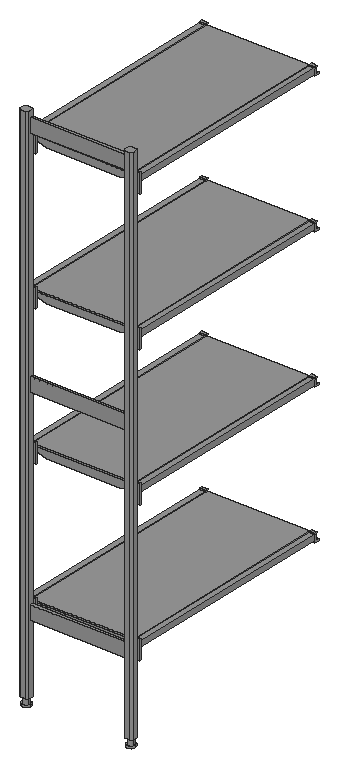
Revit family "QF_ZANUSSI_137050_ACS740", category Attrezzature speciali, Revit 2020
Family settings
  Quota connettore circolare = Usa diametro
  Tipo di parte = Normale
  Basato su piano di lavoro = No
  Sempre verticale = Sì
  Taglio con vuoti quando caricato = No
  Condiviso = No
  Punto di calcolo locali = No
Parameters (values of type "Standard")
  Weight = 13.00 kg
  Watts = 0 W
  Volts = 0 V
  URL Manufacturer = "http://www.zanussiprofessional.com"
  URL = "http://www.zanussiprofessional.com"
  Steam Supply Size = 0 mm
  Steam Supply Minimum Pressure = 0.0 Pa
  Steam Supply Maximum Pressure = 0.0 Pa
  Steam Consumption per Hour = 0
  Refrigeration Suction Line Size = 0.0 mm
  Refrigeration Liquid Line Size = 0.0 mm
  Refrigerant Compressor Remote = yes
  Prospetto di default = 0.0 mm
  Phase = 0
  Modello = "ACS740"
  Produttore = "Zanussi"
  Length Actual = 744.0 mm  # constant formula
  Item Number = "137050"
  Hot Water Size = 0 mm
  Height Actual = 1700.0 mm  # constant formula
  HP = "0 HP"
  Gas Size = 0 mm
  Gas KW = 0
  Gas Input Pressure = 0 W
  Direct Waste Size = 0 mm
  Descrizione = "ALUM.CORNER SHELV.-POLY.TIERS-373X744MM"
  Depth Actual = 373.0 mm  # constant formula
  Cycle = 0 Hz
  Condensate Return Size = 0 mm
  Compressed Air Volume = 0.0 L/s
  Compressed Air Size = 0 mm
  Compressed Air Pressure = 0.0 Pa
  Cold Water Size = 0 mm
  Accessory = yes
Reference planes
  plane 1: z = 0
  plane 2 "Center (F/B)": y = -163.5
  plane 3 "Front": y = -549.5
  plane 4 "Left": x = -217.5
  plane 5 "Right": x = 155.5
  plane 6 "TOP": z = 1700
  plane 7: y = -517.5
  plane 8: y = 190.5
  plane 9 "Center (Left/Right)": x = -31
  plane 10: y = 185.5
  plane 11: x = -186
  plane 12: x = 124
  plane 13 "FEET": z = 25
  plane 14: z = 275
  plane 15: z = 725
  plane 16: z = 1175
  plane 17: z = 1625
  plane 18 "CXLeft": y = -535.5
  plane 19: x = -200
  plane 20 "CYBack": x = -200
  plane 21 "CYFront": x = 138
  plane 22 "Back": y = 194.5
  plane 23 "LEFT_ORIGIN": x = -251.5
  plane 24 "BACK_Origin": y = 567.5
Forms (mm)
  Extrusion 1, solid, material "QF_Aluminum"
    sketch origin (0, -549.5, 0) x (-1, 0, 0) y (0, 0, 1)
      loop
        line (198.5, 1650.994) -> (198.5, 1632.998) -> (217.5, 1632.998) -> (217.5, 1650.994) -> (198.5, 1650.994)
      loop
        line (-136.5, 1650.994) -> (-155.5, 1650.994) -> (-155.5, 1632.998) -> (-136.5, 1632.998) -> (-136.5, 1650.994)
      loop
        line (198.5, 1200.994) -> (198.5, 1182.998) -> (217.5, 1182.998) -> (217.5, 1200.994) -> (198.5, 1200.994)
      loop
        line (-136.5, 1200.994) -> (-155.5, 1200.994) -> (-155.5, 1182.998) -> (-136.5, 1182.998) -> (-136.5, 1200.994)
      loop
        line (198.5, 750.994) -> (198.5, 732.998) -> (217.5, 732.998) -> (217.5, 750.994) -> (198.5, 750.994)
      loop
        line (-136.5, 750.994) -> (-155.5, 750.994) -> (-155.5, 732.998) -> (-136.5, 732.998) -> (-136.5, 750.994)
      loop
        line (198.5, 300.994) -> (198.5, 282.998) -> (217.5, 282.998) -> (217.5, 300.994) -> (198.5, 300.994)
      loop
        line (-136.5, 300.994) -> (-155.5, 300.994) -> (-155.5, 282.998) -> (-136.5, 282.998) -> (-136.5, 300.994)
    from 32 to 740
  Extrusion 2, solid, material "QF_Polyethylene"
    sketch origin (0, -549.5, 0) x (-1, 0, 0) y (0, 0, 1)
      loop
        line (196.507, 1650.994) -> (-134.5, 1650.994) -> (-134.5, 1644.496) -> (196.507, 1644.496) -> (196.507, 1650.994)
      loop
        line (196.507, 1200.994) -> (-134.5, 1200.994) -> (-134.5, 1194.496) -> (196.507, 1194.496) -> (196.507, 1200.994)
      loop
        line (196.507, 750.994) -> (-134.5, 750.994) -> (-134.5, 744.496) -> (196.507, 744.496) -> (196.507, 750.994)
      loop
        line (196.507, 300.994) -> (-134.5, 300.994) -> (-134.5, 294.496) -> (196.507, 294.496) -> (196.507, 300.994)
    from 32 to 740
Lines and regions (mm)
  symbolic lines
    curve 1: line (-198.5, 190.5, 1700) -> (-198.5, -517.5, 1700)
    curve 2: line (-217.5, -521.5, 1700) -> (-217.5, 190.5, 1700)
    curve 3: line (155.5, -521.5, 1700) -> (155.5, 190.5, 1700)
    curve 4: line (-181.507, -517.5, 1700) -> (119.507, -517.5, 1700)
    curve 5: line (136.5, -517.5, 1700) -> (136.5, 190.5, 1700)
    curve 6: line (-198.5, 190.5, 1700) -> (136.5, 190.5, 1700)
Dimensions and locks
  plane 3 "Front" to plane 2 "Center (F/B)" = 386.0 mm
  locked: plane 6 "TOP" to level at 1700
  locked: plane 4 "Left" to plane 5 "Right" at 373
  locked: plane 7 to plane 8 at 708
  locked: plane 3 "Front" to plane 7 at 32
  plane 10 to plane 8 = 5.0 mm
  locked: plane 11 to plane 12 at 310
  equal spacing: plane 11, plane 9 "Center (Left/Right)", plane 12
  equal spacing: plane 4 "Left", plane 9 "Center (Left/Right)", plane 5 "Right"
  plane 13 "FEET" to level = 25.0 mm
  plane 6 "TOP" to plane 13 "FEET" = 1675.0 mm
  plane 14 to plane 13 "FEET" = 250.0 mm
  plane 15 to plane 14 = 450.0 mm
  plane 16 to plane 15 = 450.0 mm
  plane 17 to plane 16 = 450.0 mm
  locked: plane 3 "Front" to plane 18 "CXLeft" at 14
  locked: plane 3 "Front" to plane 22 "Back" at 744
  plane 23 "LEFT_ORIGIN" to plane 5 "Right" = 407.0 mm
  locked: plane 22 "Back" to plane 24 "BACK_Origin" at 373
  aligned and locked: level to plane 1
  aligned and locked: Extrusion 2 to plane 7
  aligned and locked: plane 8 to Extrusion 2
  aligned and locked: Extrusion 1 to plane 7
  aligned and locked: plane 8 to Extrusion 1
  aligned and locked: Extrusion 1 sketch curve to Extrusion 1 sketch curve  (x2)
  aligned and locked: nested 1 to plane 18 "CXLeft"
  aligned and locked: nested 2 to plane 10
Automatic sketch dimensions
  curve 2 to plane 4 "Left" = 0.0 mm
  curve 3 to plane 5 "Right" = 0.0 mm
  plane 7 to curve 1 = 0.0 mm
  plane 7 to curve 4 = 0.0 mm
  plane 7 to curve 5 = 0.0 mm
  plane 8 to curve 2 = 0.0 mm
  plane 8 to curve 1 = 0.0 mm
  plane 8 to curve 3 = 0.0 mm
  plane 21 "CYFront" to curve 5 = 1.5 mm
  plane 19 to curve 6 = 1.5 mm
  plane 7 to curve 3 = 4.0 mm
  plane 7 to curve 2 = 4.0 mm
  plane 12 to curve 4 = 4.493 mm
  curve 4 to plane 11 = 4.493 mm
  plane 5 "Right" to Extrusion 1 sketch curve = 0.0 mm  (x4)
  plane 4 "Left" to Extrusion 1 sketch curve = 0.0 mm  (x4)
  plane 21 "CYFront" to Extrusion 1 sketch curve = 1.5 mm  (x2)
  plane 19 to Extrusion 1 sketch curve = 1.5 mm  (x4)
  plane 14 to Extrusion 1 sketch curve = 7.998 mm  (x2)
  Extrusion 1 sketch curve to Extrusion 1 sketch curve = 17.997 mm  (x8)
  plane 15 to Extrusion 1 sketch curve = 7.998 mm  (x2)
  plane 16 to Extrusion 1 sketch curve = 7.998 mm  (x2)
  plane 17 to Extrusion 1 sketch curve = 7.998 mm  (x2)
  plane 21 "CYFront" to Extrusion 2 sketch curve = 3.5 mm  (x4)
  plane 19 to Extrusion 2 sketch curve = 3.493 mm  (x4)
  plane 14 to Extrusion 2 sketch curve = 19.496 mm
  Extrusion 2 sketch curve to Extrusion 2 sketch curve = 6.499 mm  (x4)
  plane 15 to Extrusion 2 sketch curve = 19.496 mm
  plane 16 to Extrusion 2 sketch curve = 19.496 mm
  plane 17 to Extrusion 2 sketch curve = 19.496 mm
Nested families
  nested 1: "WT_Anta373" at (-194.5, -132.5, 0) x (0, 1, 0) z (0, 0, 1), type "WT_Anta373"
  nested 2: "WT_Aggancio373" at (-194.5, 602.5, 0) x (0, 1, 0) z (0, 0, 1), type "WT_Aggancio373"
Definition of nested family "WT_Anta373"
  Parameters
    WidthLeft = A + 64.0 mm  # 772.0 mm
    Width = 1606.0 mm
    Right = WidthLeft / 2  # 386.0 mm
    Default Elevation = 0.0 mm
    Left = -WidthLeft / 2  # -386.0 mm
    Height = 1725.0 mm
    FEET = 25.0 mm
    E = 0.0 mm
    Dint = Depth - 63.0 mm  # 310.0 mm
    Dext = Depth - 8.0 mm  # 365.0 mm
    Depth = 373.0 mm
    DX = (WidthLeft - A) / 2  # 32.0 mm
    B = 798.0 mm
    A = 708.0 mm
  Reference planes
    plane 1: z = 0
    plane 2 "LEFT": x = -417
    plane 3 "BACK": y = 23
    plane 4 "FRONT": y = -350
    plane 5 "TOP": z = 1725
    plane 6 "Center (Front/Back)": y = -163.5
    plane 7: y = -8.5
    plane 8: y = -318.5
    plane 9 "FEET": z = 25
    plane 10: z = 275
    plane 11: z = 725
    plane 12: z = 1175
    plane 13: z = 1625
    plane 14 "CXLeft": x = -403
    plane 15: y = 5.5
    plane 16 "CYBack": y = 5.5
    plane 17 "CYFront": y = -332.5
    plane 18: x = -385.031
    plane 19: x = -380.031
  Forms (mm)
    Extrusion 1, solid
      sketch origin (0, 0, 0) x (1, 0, 0) y (0, 1, 0)
        loop
          line (-417, 13.246) -> (-417, -2.246) -> (-410.746, -8.5) -> (-395.254, -8.5) -> (-389, -2.246) -> (-389, 13.246) -> (-395.254, 19.5) -> (-410.746, 19.5) -> (-417, 13.246)
      from 1725 to 25
    Extrusion 2, solid
      sketch origin (-417, 0, 0) x (0, 1, 0) y (0, 0, 1)
        loop
          line (23, 246.005) -> (23, 307.993) -> (-12.993, 307.993) -> (-12.993, 246.005) -> (23, 246.005)
        loop
          line (-350, 246.005) -> (-314.007, 246.005) -> (-314.007, 307.993) -> (-350, 307.993) -> (-350, 246.005)
        loop
          line (23, 696.005) -> (23, 757.993) -> (-12.993, 757.993) -> (-12.993, 696.005) -> (23, 696.005)
        loop
          line (-350, 696.005) -> (-314.007, 696.005) -> (-314.007, 757.993) -> (-350, 757.993) -> (-350, 696.005)
        loop
          line (23, 1146.005) -> (23, 1207.993) -> (-12.993, 1207.993) -> (-12.993, 1146.005) -> (23, 1146.005)
        loop
          line (-350, 1146.005) -> (-314.007, 1146.005) -> (-314.007, 1207.993) -> (-350, 1207.993) -> (-350, 1146.005)
        loop
          line (23, 1596.005) -> (23, 1657.993) -> (-12.993, 1657.993) -> (-12.993, 1596.005) -> (23, 1596.005)
        loop
          line (-350, 1596.005) -> (-314.007, 1596.005) -> (-314.007, 1657.993) -> (-350, 1657.993) -> (-350, 1596.005)
      from 28 to 32
    Revolve 3, solid
      sketch origin (-403, 0, 0) x (0, 1, 0) y (0, 0, 1)
        loop
          line (5.5, 25) -> (5.5, 0) -> (19, 0) -> (19, 5) -> (14, 5) -> (14, 25) -> (5.5, 25)
        axis (5.5, 25) -> (5.5, 0)
      angle from 0 to 360
    Extrusion 4, solid
      sketch origin (-403, 0, 0) x (0, 1, 0) y (0, 0, 1)
        loop
          line (-8.5, 912.382) -> (-8.5, 957.374) -> (-318.5, 957.374) -> (-318.5, 912.382) -> (-8.5, 912.382)
        loop
          line (-8.5, 1662.244) -> (-8.5, 1707.236) -> (-318.5, 1707.236) -> (-318.5, 1662.244) -> (-8.5, 1662.244)
      from -5 to 5
    Revolve 5, solid
      sketch origin (-403, -627, 0) x (0, -1, 0) y (0, 0, 1)
        loop
          line (-294.5, 25) -> (-294.5, 0) -> (-281, 0) -> (-281, 5) -> (-286, 5) -> (-286, 25) -> (-294.5, 25)
        axis (-294.5, 25) -> (-294.5, 0)
      angle from 0 to 360
    Extrusion 6, solid
      sketch origin (0, -627, 0) x (1, 0, 0) y (0, 1, 0)
        loop
          line (-417, 286.754) -> (-410.746, 280.5) -> (-395.254, 280.5) -> (-389, 286.754) -> (-389, 302.246) -> (-395.254, 308.5) -> (-410.746, 308.5) -> (-417, 302.246) -> (-417, 286.754)
      from 1725 to 25
    Extrusion 7, solid
      sketch origin (-417.031, -0.022, 0) x (0, 1, 0) y (0, 0, -1)
        loop
          line (-12, -1632.998) -> (-46, -1620.994) -> (-281, -1620.994) -> (-315, -1632.998) -> (-331, -1632.998) -> (-331, -1650.994) -> (-329, -1650.994) -> (-329, -1644.496) -> (2.007, -1644.496) -> (2.007, -1650.994) -> (4, -1650.994) -> (4, -1632.998) -> (-12, -1632.998)
        loop
          line (-12, -1182.998) -> (-46, -1170.994) -> (-281, -1170.994) -> (-315, -1182.998) -> (-331, -1182.998) -> (-331, -1200.994) -> (-329, -1200.994) -> (-329, -1194.496) -> (2.007, -1194.496) -> (2.007, -1200.994) -> (4, -1200.994) -> (4, -1182.998) -> (-12, -1182.998)
        loop
          line (-12, -732.998) -> (-46, -720.994) -> (-281, -720.994) -> (-315, -732.998) -> (-331, -732.998) -> (-331, -750.994) -> (-329, -750.994) -> (-329, -744.496) -> (2.007, -744.496) -> (2.007, -750.994) -> (4, -750.994) -> (4, -732.998) -> (-12, -732.998)
        loop
          line (-12, -282.998) -> (-46, -270.994) -> (-281, -270.994) -> (-315, -282.998) -> (-331, -282.998) -> (-331, -300.994) -> (-329, -300.994) -> (-329, -294.496) -> (2.007, -294.496) -> (2.007, -300.994) -> (4, -300.994) -> (4, -282.998) -> (-12, -282.998)
      from -32 to -37
    Extrusion 8, solid
      sketch origin (-403, 0, -659.878) x (0, 1, 0) y (0, 0, 1)
        loop
          line (-8.5, 912.382) -> (-8.5, 957.374) -> (-318.5, 957.374) -> (-318.5, 912.382) -> (-8.5, 912.382)
        loop
          line (-8.5, 1572.382) -> (-8.5, 1617.374) -> (-318.5, 1617.374) -> (-318.5, 1572.382) -> (-8.5, 1572.382)
        loop
          line (-8.5, 2322.382) -> (-8.5, 2367.374) -> (-318.5, 2367.374) -> (-318.5, 2322.382) -> (-8.5, 2322.382)
      from -5 to 5
  Lines and regions (mm)
    symbolic lines
      curve 1: line (-408, -8.5, 1725) -> (-408, -318.5, 1725)
      curve 2: line (-398, -318.5, 1725) -> (-398, -8.5, 1725)
      curve 3: line (-395.254, -8.5, 1725) -> (-410.746, -8.5, 1725)
      curve 4: line (-417, -2.246, 1725) -> (-410.746, -8.5, 1725)
      curve 5: line (-417, 13.246, 1725) -> (-417, -2.246, 1725)
      curve 6: line (-410.746, 19.5, 1725) -> (-417, 13.246, 1725)
      curve 7: line (-395.254, 19.5, 1725) -> (-410.746, 19.5, 1725)
      curve 8: line (-389, 13.246, 1725) -> (-395.254, 19.5, 1725)
      curve 9: line (-395.254, -8.5, 1725) -> (-389, -2.246, 1725)
      curve 10: line (-395.254, -318.5, 1725) -> (-410.746, -318.5, 1725)
      curve 11: line (-417, -324.754, 1725) -> (-410.746, -318.5, 1725)
      curve 12: line (-410.746, -346.5, 1725) -> (-417, -340.246, 1725)
      curve 13: line (-395.254, -346.5, 1725) -> (-410.746, -346.5, 1725)
      curve 14: line (-389, -340.246, 1725) -> (-395.254, -346.5, 1725)
      curve 15: line (-395.254, -318.5, 1725) -> (-389, -324.754, 1725)
      curve 16: line (-389, -350, 1725) -> (-389, -314.007, 1725)
      curve 17: line (-389, -314.007, 1725) -> (-385, -314.007, 1725)
      curve 18: line (-389, 23, 1725) -> (-389, -12.993, 1725)
      curve 19: line (-389, -12.993, 1725) -> (-385, -12.993, 1725)
      curve 20: line (-417, -324.754, 1725) -> (-417, -340.246, 1725)
      curve 21: line (-385, -350, 1725) -> (-385, -314.007, 1725)
      curve 22: line (-385, -350, 1725) -> (-389, -350, 1725)
      curve 23: line (-385, 23, 1725) -> (-389, 23, 1725)
      curve 24: line (-385, -12.993, 1725) -> (-385, 23, 1725)
      curve 25: line (-385.031, -13.016, 1725) -> (-385.031, -314.029, 1725)
  Dimensions and locks
    "Height": plane 5 "TOP" to level
    "Depth": plane 3 "BACK" to plane 4 "FRONT"
    "Dint": plane 7 to plane 8
    equal spacing: plane 7, plane 6 "Center (Front/Back)", plane 8
    equal spacing: plane 3 "BACK", plane 6 "Center (Front/Back)", plane 4 "FRONT"
    plane 9 "FEET" to level = 25.0 mm
    plane 5 "TOP" to plane 9 "FEET" = 1700.0 mm
    plane 10 to plane 9 "FEET" = 250.0 mm
    plane 11 to plane 10 = 450.0 mm
    plane 12 to plane 11 = 450.0 mm
    plane 13 to plane 12 = 450.0 mm
    locked: plane 2 "LEFT" to plane 14 "CXLeft" at 14
    locked: plane 3 "BACK" to plane 16 "CYBack" at 17.5
    locked: plane 17 "CYFront" to plane 4 "FRONT" at 17.5
    locked: Revolve 3 sketch curve to Revolve 3 sketch curve at 8.5
    locked: Revolve 3 sketch curve to plane 16 "CYBack" at 13.5
    locked: Revolve 5 sketch curve to Revolve 5 sketch curve at 8.5
    aligned and locked: level to plane 1
    aligned and locked: curve 20 to Extrusion 6
    aligned and locked: plane 5 "TOP" to Extrusion 1
    aligned and locked: plane 5 "TOP" to Extrusion 6
    aligned and locked: Extrusion 7 sketch curve to Extrusion 7 sketch curve  (x3)
  Automatic sketch dimensions
    curve 16 to plane 4 "FRONT" = 0.0 mm
    curve 11 to plane 8 = 0.0 mm
    curve 9 to plane 7 = 0.0 mm
    curve 5 to plane 2 "LEFT" = 0.0 mm
    curve 23 to plane 3 "BACK" = 0.0 mm
    plane 4 "FRONT" to curve 13 = 3.5 mm
    curve 20 to plane 17 "CYFront" = 7.746 mm
    curve 20 to plane 8 = 6.254 mm
    plane 8 to curve 16 = 4.493 mm
    curve 24 to plane 18 = 0.031 mm
    curve 24 to plane 7 = 4.493 mm
    plane 7 to curve 5 = 6.254 mm
    curve 5 to plane 15 = 7.746 mm
    curve 6 to plane 3 "BACK" = 3.5 mm
    curve 21 to plane 18 = 0.031 mm
    plane 18 to curve 23 = 3.969 mm
    plane 18 to curve 16 = 3.969 mm
    curve 18 to curve 8 = 6.254 mm
    curve 18 to curve 3 = 6.254 mm
    curve 16 to curve 13 = 6.254 mm
    curve 16 to curve 15 = 6.254 mm
    plane 2 "LEFT" to curve 10 = 6.254 mm
    plane 2 "LEFT" to curve 7 = 6.254 mm
    plane 2 "LEFT" to curve 12 = 6.254 mm
    plane 2 "LEFT" to curve 3 = 6.254 mm
    curve 14 to plane 17 "CYFront" = 7.746 mm
    curve 15 to plane 8 = 6.254 mm
    plane 7 to curve 9 = 6.254 mm
    curve 8 to plane 15 = 7.746 mm
    curve 3 to curve 2 = 2.746 mm
    curve 1 to curve 10 = 2.746 mm
    Extrusion 1 sketch curve to plane 2 "LEFT" = 0.0 mm
    Extrusion 1 sketch curve to plane 7 = 0.0 mm
    plane 2 "LEFT" to Extrusion 1 sketch curve = 6.254 mm  (x2)
    plane 14 "CXLeft" to Extrusion 1 sketch curve = 7.746 mm  (x2)
    Extrusion 1 sketch curve to plane 3 "BACK" = 3.5 mm
    plane 18 to Extrusion 1 sketch curve = 3.969 mm
    plane 7 to Extrusion 1 sketch curve = 6.254 mm  (x2)
    Extrusion 1 sketch curve to plane 15 = 7.746 mm  (x2)
    Extrusion 2 sketch curve to plane 4 "FRONT" = 0.0 mm  (x4)
    Extrusion 2 sketch curve to plane 3 "BACK" = 0.0 mm  (x4)
    plane 8 to Extrusion 2 sketch curve = 4.493 mm  (x4)
    Extrusion 2 sketch curve to plane 7 = 4.493 mm  (x4)
    Extrusion 2 sketch curve to plane 10 = 28.995 mm  (x2)
    plane 10 to Extrusion 2 sketch curve = 32.993 mm  (x2)
    Extrusion 2 sketch curve to plane 11 = 28.995 mm  (x2)
    plane 11 to Extrusion 2 sketch curve = 32.993 mm  (x2)
    Extrusion 2 sketch curve to plane 12 = 28.995 mm  (x2)
    plane 12 to Extrusion 2 sketch curve = 32.993 mm  (x2)
    Extrusion 2 sketch curve to plane 13 = 28.995 mm  (x2)
    plane 13 to Extrusion 2 sketch curve = 32.993 mm  (x2)
    Revolve 3 sketch curve to plane 9 "FEET" = 0.0 mm  (x2)
    Revolve 3 sketch curve to plane 15 = 0.0 mm  (x2)
    Revolve 3 sketch curve to level = 0.0 mm
    level to Revolve 3 sketch curve = 5.0 mm
    Revolve 3 sketch curve to Revolve 3 sketch curve = 11.655 mm
    Extrusion 4 sketch curve to plane 8 = 0.0 mm  (x2)
    Extrusion 4 sketch curve to plane 7 = 0.0 mm  (x2)
    plane 11 to Extrusion 4 sketch curve = 187.382 mm
    Extrusion 4 sketch curve to Extrusion 4 sketch curve = 44.992 mm
    plane 13 to Extrusion 4 sketch curve = 37.244 mm
    Extrusion 4 sketch curve to plane 5 "TOP" = 17.764 mm
    Revolve 5 sketch curve to plane 9 "FEET" = 0.0 mm  (x2)
    Revolve 5 sketch curve to plane 17 "CYFront" = 0.0 mm  (x2)
    Revolve 5 sketch curve to level = 0.0 mm
    Revolve 5 sketch curve to plane 4 "FRONT" = 4.0 mm
    Revolve 5 sketch curve to Revolve 5 sketch curve = 5.0 mm
    level to Revolve 5 sketch curve = 11.655 mm
    Extrusion 6 sketch curve to plane 2 "LEFT" = 0.0 mm
    Extrusion 6 sketch curve to plane 8 = 0.0 mm
    Extrusion 6 sketch curve to plane 2 "LEFT" = 6.254 mm  (x2)
    Extrusion 6 sketch curve to plane 14 "CXLeft" = 7.746 mm  (x2)
    Extrusion 6 sketch curve to plane 4 "FRONT" = 3.5 mm
    Extrusion 6 sketch curve to plane 18 = 3.969 mm
    plane 8 to Extrusion 6 sketch curve = 6.254 mm  (x2)
    plane 17 "CYFront" to Extrusion 6 sketch curve = 7.746 mm  (x2)
    plane 17 "CYFront" to Extrusion 7 sketch curve = 1.478 mm  (x4)
    Extrusion 7 sketch curve to Extrusion 7 sketch curve = 2.0 mm
    plane 8 to Extrusion 7 sketch curve = 3.478 mm  (x4)
    Extrusion 7 sketch curve to plane 10 = 4.006 mm
    Extrusion 7 sketch curve to Extrusion 7 sketch curve = 34.0 mm  (x4)
    Extrusion 7 sketch curve to plane 11 = 4.006 mm
    Extrusion 7 sketch curve to plane 12 = 4.006 mm
    Extrusion 7 sketch curve to plane 13 = 4.006 mm
    Extrusion 7 sketch curve to plane 7 = 37.522 mm  (x4)
    Extrusion 7 sketch curve to plane 7 = 3.522 mm  (x4)
    plane 15 to Extrusion 7 sketch curve = 3.516 mm  (x4)
    plane 15 to Extrusion 7 sketch curve = 1.522 mm  (x4)
    plane 13 to Extrusion 7 sketch curve = 7.998 mm  (x2)
    Extrusion 7 sketch curve to Extrusion 7 sketch curve = 11.498 mm
    Extrusion 7 sketch curve to Extrusion 7 sketch curve = 6.499 mm  (x5)
    plane 12 to Extrusion 7 sketch curve = 25.994 mm  (x2)
    plane 12 to Extrusion 7 sketch curve = 7.998 mm  (x2)
    plane 11 to Extrusion 7 sketch curve = 25.994 mm  (x2)
    plane 11 to Extrusion 7 sketch curve = 7.998 mm  (x2)
    plane 10 to Extrusion 7 sketch curve = 25.994 mm  (x2)
    plane 10 to Extrusion 7 sketch curve = 7.998 mm  (x2)
    curve 25 to plane 18 = 0.0 mm
    plane 8 to curve 25 = 4.471 mm
    curve 25 to plane 7 = 4.516 mm
    Extrusion 8 sketch curve to plane 8 = 0.0 mm  (x3)
    Extrusion 8 sketch curve to plane 7 = 0.0 mm  (x3)
    Extrusion 8 sketch curve to plane 10 = 22.496 mm
    plane 10 to Extrusion 8 sketch curve = 22.496 mm
    plane 11 to Extrusion 8 sketch curve = 187.504 mm
    Extrusion 8 sketch curve to Extrusion 8 sketch curve = 44.992 mm
    plane 13 to Extrusion 8 sketch curve = 37.504 mm
    Extrusion 8 sketch curve to plane 5 "TOP" = 17.504 mm
Definition of nested family "WT_Aggancio373"
  Parameters
    WidthLeft = A + 64.0 mm  # 772.0 mm
    Width = 1606.0 mm
    Right = WidthLeft / 2  # 386.0 mm
    Default Elevation = 0.0 mm
    Left = -WidthLeft / 2  # -386.0 mm
    Height = 1725.0 mm
    FEET = 25.0 mm
    E = 0.0 mm
    Dint = Depth - 63.0 mm  # 310.0 mm
    Dext = Depth - 8.0 mm  # 365.0 mm
    Depth = 373.0 mm
    DX = (WidthLeft - A) / 2  # 32.0 mm
    B = 798.0 mm
    A = 708.0 mm
  Reference planes
    plane 1: z = 0
    plane 2 "LEFT": x = -417
    plane 3 "BACK": y = 23
    plane 4 "FRONT": y = -350
    plane 5 "TOP": z = 1725
    plane 6 "Center (Front/Back)": y = -163.5
    plane 7: y = -8.5
    plane 8: y = -318.5
    plane 9 "FEET": z = 25
    plane 10: z = 275
    plane 11: z = 725
    plane 12: z = 1175
    plane 13: z = 1625
    plane 14: y = 5.5
    plane 15 "CYBack": y = 5.5
    plane 16 "CYFront": y = -332.5
  Forms (mm)
    Extrusion 1, solid
      sketch origin (-380, -0.022, 0) x (0, 1, 0) y (0, 0, 1)
        loop
          line (-12, 1632.998) -> (4, 1632.998) -> (4, 1650.994) -> (2.007, 1650.994) -> (2.007, 1644.496) -> (-329, 1644.496) -> (-329, 1650.994) -> (-331, 1650.994) -> (-331, 1632.998) -> (-315, 1632.998) -> (-281, 1620.994) -> (-46, 1620.994) -> (-12, 1632.998)
        loop
          line (-12, 1182.998) -> (4, 1182.998) -> (4, 1200.994) -> (2.007, 1200.994) -> (2.007, 1194.496) -> (-329, 1194.496) -> (-329, 1200.994) -> (-331, 1200.994) -> (-331, 1182.998) -> (-315, 1182.998) -> (-281, 1170.994) -> (-46, 1170.994) -> (-12, 1182.998)
        loop
          line (-12, 732.998) -> (4, 732.998) -> (4, 750.994) -> (2.007, 750.994) -> (2.007, 744.496) -> (-329, 744.496) -> (-329, 750.994) -> (-331, 750.994) -> (-331, 732.998) -> (-315, 732.998) -> (-281, 720.994) -> (-46, 720.994) -> (-12, 732.998)
        loop
          line (-12, 282.998) -> (4, 282.998) -> (4, 300.994) -> (2.007, 300.994) -> (2.007, 294.496) -> (-329, 294.496) -> (-329, 300.994) -> (-331, 300.994) -> (-331, 282.998) -> (-315, 282.998) -> (-281, 270.994) -> (-46, 270.994) -> (-12, 282.998)
      from -32 to -37
    Extrusion 2, solid
      sketch origin (-793.062, -324.754, 6.5) x (1, 0, 0) y (0, 0, 1)
        loop
          line (385.062, 1644.496) -> (385.062, 1647.496) -> (376.062, 1647.496) -> (376.062, 1620.994) -> (390.031, 1620.994) -> (390.031, 1626.496) -> (381.062, 1626.496) -> (381.062, 1644.496) -> (385.062, 1644.496)
        loop
          line (385.062, 1194.496) -> (385.062, 1197.496) -> (376.062, 1197.496) -> (376.062, 1170.994) -> (390.031, 1170.994) -> (390.031, 1176.496) -> (381.062, 1176.496) -> (381.062, 1194.496) -> (385.062, 1194.496)
        loop
          line (385.062, 744.496) -> (385.062, 747.496) -> (376.062, 747.496) -> (376.062, 720.994) -> (390.031, 720.994) -> (390.031, 726.496) -> (381.062, 726.496) -> (381.062, 744.496) -> (385.062, 744.496)
        loop
          line (385.062, 294.496) -> (385.062, 297.496) -> (376.062, 297.496) -> (376.062, 270.994) -> (390.031, 270.994) -> (390.031, 276.496) -> (381.062, 276.496) -> (381.062, 294.496) -> (385.062, 294.496)
      from 6.268 to 25.246
    Extrusion 3, solid
      sketch origin (-793.062, 32.754, 6.5) x (1, 0, 0) y (0, 0, 1)
        loop
          line (385.062, 1644.496) -> (385.062, 1647.496) -> (376.062, 1647.496) -> (376.062, 1620.994) -> (390.031, 1620.994) -> (390.031, 1626.496) -> (381.062, 1626.496) -> (381.062, 1644.496) -> (385.062, 1644.496)
        loop
          line (385.062, 1194.496) -> (385.062, 1197.496) -> (376.062, 1197.496) -> (376.062, 1170.994) -> (390.031, 1170.994) -> (390.031, 1176.496) -> (381.062, 1176.496) -> (381.062, 1194.496) -> (385.062, 1194.496)
        loop
          line (385.062, 744.496) -> (385.062, 747.496) -> (376.062, 747.496) -> (376.062, 720.994) -> (390.031, 720.994) -> (390.031, 726.496) -> (381.062, 726.496) -> (381.062, 744.496) -> (385.062, 744.496)
        loop
          line (385.062, 294.496) -> (385.062, 297.496) -> (376.062, 297.496) -> (376.062, 270.994) -> (390.031, 270.994) -> (390.031, 276.496) -> (381.062, 276.496) -> (381.062, 294.496) -> (385.062, 294.496)
      from 9.754 to 28.776
  Lines and regions (mm)
    symbolic lines
      curve 1: line (-412, -350, 0) -> (-408, -350, 0)
      curve 2: line (-412, -331.022, 0) -> (-412, -350, 0)
      curve 3: line (-408, -331.022, 0) -> (-412, -331.022, 0)
      curve 4: line (-408, -350, 0) -> (-408, -331.022, 0)
      curve 5: line (-412, 3.978, 0) -> (-408, 3.978, 0)
      curve 6: line (-412, 23, 0) -> (-412, 3.978, 0)
      curve 7: line (-408, 23, 0) -> (-412, 23, 0)
      curve 8: line (-408, 3.978, 0) -> (-408, 23, 0)
  Dimensions and locks
    "Height": plane 5 "TOP" to level
    "Depth": plane 3 "BACK" to plane 4 "FRONT"
    "Dint": plane 7 to plane 8
    equal spacing: plane 7, plane 6 "Center (Front/Back)", plane 8
    equal spacing: plane 3 "BACK", plane 6 "Center (Front/Back)", plane 4 "FRONT"
    plane 9 "FEET" to level = 25.0 mm
    plane 5 "TOP" to plane 9 "FEET" = 1700.0 mm
    plane 10 to plane 9 "FEET" = 250.0 mm
    plane 11 to plane 10 = 450.0 mm
    plane 12 to plane 11 = 450.0 mm
    plane 13 to plane 12 = 450.0 mm
    locked: plane 3 "BACK" to plane 15 "CYBack" at 17.5
    locked: plane 16 "CYFront" to plane 4 "FRONT" at 17.5
    aligned and locked: level to plane 1
    aligned and locked: Extrusion 1 sketch curve to Extrusion 1 sketch curve  (x3)
  Automatic sketch dimensions
    plane 16 "CYFront" to Extrusion 1 sketch curve = 1.478 mm  (x4)
    Extrusion 1 sketch curve to Extrusion 1 sketch curve = 2.0 mm
    plane 8 to Extrusion 1 sketch curve = 3.478 mm  (x4)
    Extrusion 1 sketch curve to plane 10 = 4.006 mm
    Extrusion 1 sketch curve to Extrusion 1 sketch curve = 34.0 mm  (x4)
    Extrusion 1 sketch curve to plane 11 = 4.006 mm
    Extrusion 1 sketch curve to plane 12 = 4.006 mm
    Extrusion 1 sketch curve to plane 13 = 4.006 mm
    Extrusion 1 sketch curve to plane 7 = 37.522 mm  (x4)
    Extrusion 1 sketch curve to plane 7 = 3.522 mm  (x4)
    plane 14 to Extrusion 1 sketch curve = 3.516 mm  (x4)
    plane 14 to Extrusion 1 sketch curve = 1.522 mm  (x4)
    plane 10 to Extrusion 1 sketch curve = 7.998 mm  (x2)
    Extrusion 1 sketch curve to Extrusion 1 sketch curve = 11.498 mm  (x4)
    Extrusion 1 sketch curve to Extrusion 1 sketch curve = 6.499 mm  (x8)
    plane 11 to Extrusion 1 sketch curve = 7.998 mm  (x2)
    plane 12 to Extrusion 1 sketch curve = 7.998 mm  (x2)
    plane 13 to Extrusion 1 sketch curve = 7.998 mm  (x2)
    plane 2 "LEFT" to Extrusion 2 sketch curve = 0.0 mm  (x4)
    plane 13 to Extrusion 2 sketch curve = 7.996 mm
    plane 11 to Extrusion 2 sketch curve = 7.996 mm
    Extrusion 2 sketch curve to Extrusion 2 sketch curve = 5.0 mm  (x4)
    plane 11 to Extrusion 2 sketch curve = 2.494 mm
    plane 10 to Extrusion 2 sketch curve = 28.996 mm
    Extrusion 2 sketch curve to Extrusion 2 sketch curve = 3.0 mm  (x4)
    plane 10 to Extrusion 2 sketch curve = 7.996 mm
    plane 10 to Extrusion 2 sketch curve = 2.494 mm
    Extrusion 2 sketch curve to Extrusion 2 sketch curve = 18.0 mm  (x3)
    plane 12 to Extrusion 2 sketch curve = 2.494 mm
    plane 12 to Extrusion 2 sketch curve = 7.996 mm
    plane 13 to Extrusion 2 sketch curve = 2.494 mm
    plane 2 "LEFT" to Extrusion 3 sketch curve = 0.0 mm  (x4)
    plane 13 to Extrusion 3 sketch curve = 7.996 mm
    plane 11 to Extrusion 3 sketch curve = 7.996 mm
    Extrusion 3 sketch curve to Extrusion 3 sketch curve = 5.0 mm  (x4)
    plane 11 to Extrusion 3 sketch curve = 2.494 mm
    plane 10 to Extrusion 3 sketch curve = 28.996 mm
    Extrusion 3 sketch curve to Extrusion 3 sketch curve = 3.0 mm  (x4)
    plane 10 to Extrusion 3 sketch curve = 7.996 mm
    plane 10 to Extrusion 3 sketch curve = 2.494 mm
    Extrusion 3 sketch curve to Extrusion 3 sketch curve = 18.0 mm  (x3)
    plane 12 to Extrusion 3 sketch curve = 2.494 mm
    plane 12 to Extrusion 3 sketch curve = 7.996 mm
    plane 13 to Extrusion 3 sketch curve = 2.494 mm
    plane 2 "LEFT" to curve 1 = 5.0 mm
    plane 2 "LEFT" to curve 7 = 5.0 mm
    curve 1 to plane 16 "CYFront" = 17.5 mm
    curve 3 to plane 8 = 12.522 mm
    plane 7 to curve 5 = 12.478 mm
    curve 7 to plane 14 = 17.5 mm
    curve 5 to curve 5 = 4.0 mm
    curve 1 to curve 4 = 4.0 mm
    Extrusion 2 sketch curve to Extrusion 2 sketch curve = 4.0 mm  (x4)
    Extrusion 2 sketch curve to Extrusion 2 sketch curve = 8.969 mm  (x4)
    Extrusion 3 sketch curve to Extrusion 3 sketch curve = 4.0 mm  (x4)
    Extrusion 3 sketch curve to Extrusion 3 sketch curve = 8.969 mm  (x4)
